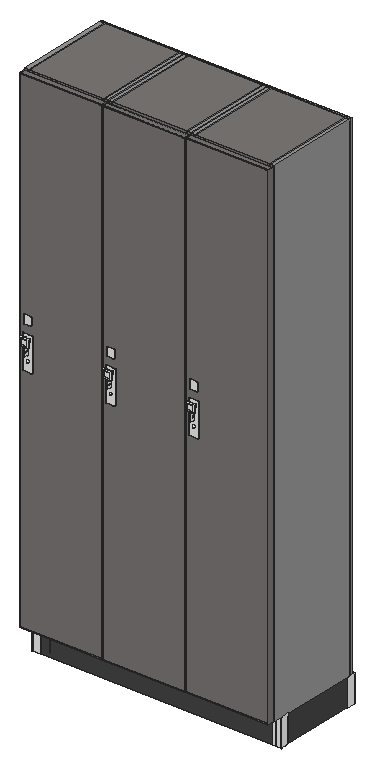
Revit family "Wood_Lockers_Hasps-Salsbury_Industries-41000_Series-3_Wide_Units.rfa", category Specialty Equipment, Revit 2016 (continued)
Definition of nested family "Wood Locker Flat Corner Fillers"
  Forms (in)
    Extrusion 2, solid, material <- "Laminate Surface", visible <- "Visible"
      sketch origin (0, 0, 0.75) x (1, 0, 0) y (0, 1, 0)
        loop
          line (-8.4375, -5.4375) -> (-5.4375, -5.4375) -> (-5.4375, -8.4375) -> (8.4375, -8.4375) -> (8.4375, 8.4375) -> (-8.4375, 8.4375) -> (-8.4375, -5.4375)
      from -0.031 to 0
  Dimensions and locks (in)
    equal spacing: plane 6 "Front Side", plane 1 "Center (Front/Back)", plane 7 "Back Side"
    equal spacing: plane 5 "Left Side", plane 3 "Center (Left/Right)", plane 4 "Right Side"
    "Width": plane 5 "Left Side" to plane 4 "Right Side"
    "Depth": plane 6 "Front Side" to plane 7 "Back Side"
    "Height": plane 9 "Top Side" to plane 8 "Bottom"
    locked: plane 9 "Top Side" to plane 10 "Wood - Laminate Line" at 0.031
    locked: plane 6 "Front Side" to plane 12 at 3
    locked: plane 5 "Left Side" to plane 11 at 3
    plane 12 to plane 7 "Back Side" = 13.875"
    aligned and locked: level to plane 2
  Automatic sketch dimensions
    Extrusion 2 sketch curve to plane 5 "Left Side" = 0.000"
    plane 6 "Front Side" to Extrusion 2 sketch curve = 0.000"
    Extrusion 2 sketch curve to plane 11 = 0.000"
    Extrusion 2 sketch curve to plane 4 "Right Side" = 0.000"
    Extrusion 2 sketch curve to plane 12 = 0.000"
    plane 7 "Back Side" to Extrusion 2 sketch curve = 0.000"
    Extrusion 1 sketch curve to plane 5 "Left Side" = 0.000"
    plane 7 "Back Side" to Extrusion 1 sketch curve = 0.000"
    Extrusion 1 sketch curve to plane 12 = 0.000"
    Extrusion 1 sketch curve to plane 4 "Right Side" = 0.000"
    plane 6 "Front Side" to Extrusion 1 sketch curve = 0.000"
    Extrusion 1 sketch curve to plane 11 = 0.000"
Definition of nested family "Wood Locker Front Fillers"
  Parameters (values of type "33367 - 15" W for 6'H Lockers without Base")
    Width = 15.000"
    Visible Base = no
    Visible = yes
    Version = "1.0 (2/29/16)"
    Type Comments = "Front Vertical Filler for Designer Wood Lockers"
    Model = "33367"
    Manufacturer = "Salsbury Industries"
    Laminate Surface = none
    Height = 72.000"
    Description = "For 6' H Lockers"
    Depth = 0.750"
    Base Height = 0.000"
  Types (18): name | Width | Visible Base | Visible | Version | Type Comments | Model | Manufacturer | Height | Description | Base Height
    (no name) | 15.000" | no | yes | "1.0 (2/29/16)" | "Front Vertical Filler for Designer Wood Lockers" | "33367" | "Salsbury Industries" | 72.000" | "For 6' H Lockers" | 0.000"
    33367 - 15"W for 6' H Lockers with Base | 15.000" | yes | yes | "1.0 (2/29/16)" | "Front Vertical Filler for Designer Wood Lockers" | "33367" | "Salsbury Industries" | 72.000" | "For 6' H Lockers" | 4.000"
    None | 15.000" | no | no | "" | "" | "" | "" | 72.000" | "" | 4.000"
    33369 - 9" W for 6' H Lockers with Base | 9.000" | yes | yes | "1.0 (2/29/16)" | "Front Vertical Filler for Designer Wood Lockers" | "33369" | "Salsbury Industries" | 72.000" | "For 6' H Lockers" | 4.000"
    33367 - 15" W for 5' H Lockers with Base | 15.000" | yes | yes | "1.0 (2/29/16)" | "Front Vertical Filler for Designer Wood Lockers" | "33367" | "Salsbury Industries" | 60.000" | "For 5' H Lockers" | 4.000"
    33369 - 9" W for 5' H Lockers with Base | 9.000" | yes | yes | "1.0 (2/29/16)" | "Front Vertical Filler for Designer Wood Lockers" | "33369" | "Salsbury Industries" | 60.000" | "For 5' H Lockers" | 4.000"
    22265 - 15" W for 6' H Lockers with Base | 15.000" | yes | yes | "1.0 (2/29/16)" | "Front Vertical Filler for Extra Wide Designer Wood Lockers" | "22265" | "Salsbury Industries" | 72.000" | "For 6' H Lockers" | 4.000"
    22265 - 15" W for 5' H Lockers with Base | 15.000" | yes | yes | "1.0 (2/29/16)" | "Front Vertical Filler for Extra Wide Designer Wood Lockers" | "22265" | "Salsbury Industries" | 60.000" | "For 5' H Lockers" | 4.000"
    22269 - 9" W for 6' H Lockers with Base | 9.000" | yes | yes | "1.0 (2/29/16)" | "Front Vertical Filler for Extra Wide Designer Wood Lockers" | "22269" | "Salsbury Industries" | 72.000" | "For 6' H Lockers" | 4.000"
    22269 - 9" W for 5' H Lockers with Base | 9.000" | yes | yes | "1.0 (2/29/16)" | "Front Vertical Filler for Extra Wide Designer Wood Lockers" | "22269" | "Salsbury Industries" | 60.000" | "For 5' H Lockers" | 4.000"
    33367 - 15" W for 6'H Lockers without Base | 15.000" | no | yes | "1.0 (2/29/16)" | "Front Vertical Filler for Designer Wood Lockers" | "33367" | "Salsbury Industries" | 72.000" | "For 6' H Lockers" | 0.000"
    33367 - 15" W for 5' H Lockers without Base | 15.000" | no | yes | "1.0 (2/29/16)" | "Front Vertical Filler for Designer Wood Lockers" | "33367" | "Salsbury Industries" | 60.000" | "For 5' H Lockers" | 0.000"
    33369 - 9" W for 5' H Lockers without Base | 9.000" | no | yes | "1.0 (2/29/16)" | "Front Vertical Filler for Designer Wood Lockers" | "33369" | "Salsbury Industries" | 60.000" | "For 5' H Lockers" | 0.000"
    33369 - 9" W for 6' H Lockers without Base | 9.000" | no | yes | "1.0 (2/29/16)" | "Front Vertical Filler for Designer Wood Lockers" | "33369" | "Salsbury Industries" | 72.000" | "For 6' H Lockers" | 0.000"
    22269 - 9" W for 6' H Lockers without Base | 9.000" | no | yes | "1.0 (2/29/16)" | "Front Vertical Filler for Extra Wide Designer Wood Lockers" | "22269" | "Salsbury Industries" | 72.000" | "For 6' H Lockers" | 0.000"
    22269 - 9" W for 5' H Lockers without Base | 9.000" | no | yes | "1.0 (2/29/16)" | "Front Vertical Filler for Extra Wide Designer Wood Lockers" | "22269" | "Salsbury Industries" | 60.000" | "For 5' H Lockers" | 0.000"
    22265 - 15" W for 6' H Lockers without Base | 15.000" | no | yes | "1.0 (2/29/16)" | "Front Vertical Filler for Extra Wide Designer Wood Lockers" | "22265" | "Salsbury Industries" | 72.000" | "For 6' H Lockers" | 0.000"
    22265 - 15" W for 5' H Lockers without Base | 15.000" | no | yes | "1.0 (2/29/16)" | "Front Vertical Filler for Extra Wide Designer Wood Lockers" | "22265" | "Salsbury Industries" | 60.000" | "For 5' H Lockers" | 0.000"
  Reference planes (in)
    plane 1 "Center (Front/Back)": y = 0
    plane 2: z = 0
    plane 3 "Center (Left/Right)": x = 0
    plane 4 "Back": y = 0.375
    plane 5 "Front": y = -0.375
    plane 6 "Left Side": x = -7.5
    plane 7 "Right Side": x = 7.5
    plane 8 "Bottom": z = 0
    plane 9 "Top": z = 72
    plane 10 "Center Elevation": z = 36
    plane 11 "Wood - Laminate Edge": y = -0.344
    plane 12 "Right Side of Wood": x = 7.375
    plane 13 "Left Side of Wood": x = -7.375
    plane 14 "Top of Wood": z = 71.875
    plane 15 "Bottom of Wood": z = 0.125
    plane 16 "Front of Base Filler": y = 1
  Forms (in)
    Extrusion 1, solid, visible <- "Visible"
      sketch origin (0, 0.375, 0) x (1, 0, 0) y (0, 0, 1)
        loop
          line (7.5, 72) -> (-7.5, 72) -> (-7.5, 0) -> (7.5, 0) -> (7.5, 72)
      from 0 to 0.719
    Extrusion 2, solid, material <- "Laminate Surface", visible <- "Visible"
      sketch origin (0, -0.375, 0) x (1, 0, 0) y (0, 0, 1)
        loop
          line (-7.5, 72) -> (-7.5, 0) -> (7.5, 0) -> (7.5, 72) -> (-7.5, 72)
      from -0.031 to 0
    Extrusion 3, solid, visible <- "Visible Base"
      sketch origin (0, 0, 0) x (1, 0, 0) y (0, 1, 0)
        loop
          line (-7.5, 1.75) -> (-7.5, 0.375) -> (7.5, 0.375) -> (7.5, 1.75) -> (-7.5, 1.75)
      from 0 to 0.75
    Extrusion 4, solid, visible <- "Visible Base"
      sketch origin (0, 0, 0) x (1, 0, 0) y (0, 1, 0)
        loop
          line (-7.5, 1.75) -> (-7.5, 1) -> (7.5, 1) -> (7.5, 1.75) -> (-7.5, 1.75)
      from 0 to -4
  Dimensions and locks (in)
    equal spacing: plane 6 "Left Side", plane 3 "Center (Left/Right)", plane 7 "Right Side"
    plane 5 "Front" to plane 1 "Center (Front/Back)" to plane 4 "Back" = 0.375", 0.375"
    "Width": plane 6 "Left Side" to plane 7 "Right Side"
    "Depth": plane 5 "Front" to plane 4 "Back"
    equal spacing: plane 9 "Top", plane 10 "Center Elevation", plane 8 "Bottom"
    locked: plane 5 "Front" to plane 11 "Wood - Laminate Edge" at 0.031
    locked: plane 15 "Bottom of Wood" to plane 8 "Bottom" at 0.125
    locked: plane 12 "Right Side of Wood" to plane 7 "Right Side" at 0.125
    locked: plane 6 "Left Side" to plane 13 "Left Side of Wood" at 0.125
    locked: plane 9 "Top" to plane 14 "Top of Wood" at 0.125
    locked: plane 5 "Front" to plane 16 "Front of Base Filler" at 1.375
    "Base Height": plane 8 "Bottom" to plane 2
    "Height": plane 9 "Top" to plane 8 "Bottom"
    aligned and locked: level to plane 2
    aligned and locked: plane 8 "Bottom" to Extrusion 1
  Automatic sketch dimensions
    plane 6 "Left Side" to Extrusion 1 sketch curve = 0.000"
    plane 7 "Right Side" to Extrusion 1 sketch curve = 0.000"
    level to Extrusion 1 sketch curve = 0.000"
    Extrusion 1 sketch curve to plane 9 "Top" = 0.000"
    plane 6 "Left Side" to Extrusion 2 sketch curve = 0.000"
    plane 7 "Right Side" to Extrusion 2 sketch curve = 0.000"
    plane 15 "Bottom of Wood" to Extrusion 2 sketch curve = 0.125"
    Extrusion 2 sketch curve to plane 9 "Top" = 0.000"
    plane 4 "Back" to Extrusion 3 sketch curve = 0.000"
    Extrusion 3 sketch curve to plane 6 "Left Side" = 0.000"
    Extrusion 3 sketch curve to plane 7 "Right Side" = 0.000"
    Extrusion 3 sketch curve to plane 16 "Front of Base Filler" = 0.750"
    Extrusion 4 sketch curve to plane 6 "Left Side" = 0.000"
    Extrusion 4 sketch curve to plane 7 "Right Side" = 0.000"
    plane 16 "Front of Base Filler" to Extrusion 4 sketch curve = 0.000"
    Extrusion 4 sketch curve to plane 16 "Front of Base Filler" = 0.750"
Definition of nested family "Wood Locker Front Corner Filler"
  Parameters (values of type "44464 - for 6' H Lockers with Base")
    Width = 2.250"
    Visible Base = yes
    Visible = yes
    Version = "1.0 (12/15/23)"
    Type Comments = "Front Vertical Corner Filler for Designer Wood Lockers"
    Primary Structure Materials = none
    Model = "44464"
    Manufacturer = "Salsbury Industries"
    Laminate Surface = none
    Height = 72.000"
    Description = "For 6' H Lockers"
    Depth = 0.750"
    Base Primary Materials = none
    Base Height = 4.000"
  Types (3): name | Visible Base | Visible | Version | Type Comments | Model | Manufacturer | Description | Base Height
    None | no | no | "" | "" | "" | "" | "" | 4.000"
    44464 - for 6'H Lockers without Base | no | yes | "1.0 (12/15/23)" | "Front Vertical Corner Filler for Designer Wood Lockers" | "44464" | "Salsbury Industries" | "For 6' H Lockers" | 0.000"
    44464 - for 6' H Lockers with Base | yes | yes | "1.0 (12/15/23)" | "Front Vertical Corner Filler for Designer Wood Lockers" | "44464" | "Salsbury Industries" | "For 6' H Lockers" | 4.000"
  Reference planes (in)
    plane 1 "Center (Front/Back)": y = 0
    plane 2 "Bottom of Base": z = 0
    plane 3 "Center (Left/Right)": x = 0
    plane 4 "Back": y = 0.375
    plane 5 "Front": y = -0.375
    plane 6 "Left Side": x = -1.125
    plane 7 "Right Side": x = 1.125
    plane 8 "Bottom": z = 4
    plane 9 "Top": z = 76
    plane 10 "Center Elevation": z = 40
    plane 11 "Wood - Laminate Edge": y = -0.344
    plane 12 "Right Side of Wood": x = 1
    plane 13 "Left Side of Wood": x = -1
    plane 14 "Top of Wood": z = 75.875
    plane 15 "Bottom of Wood": z = 4.125
    plane 16 "Front of Base Filler": y = 1
  Forms (in)
    Extrusion 1, solid, material <- "Primary Structure Materials", visible <- "Visible"
      sketch origin (0, 0.375, 0) x (1, 0, 0) y (0, 0, 1)
        loop
          line (1.125, 76) -> (-1.156, 76) -> (-1.156, 4) -> (1.125, 4) -> (1.125, 76)
      from 0 to 0.719
    Extrusion 2, solid, material <- "Laminate Surface", visible <- "Visible"
      sketch origin (0, -0.375, 0) x (1, 0, 0) y (0, 0, 1)
        loop
          line (-1.125, 76) -> (-1.125, 4) -> (1.125, 4) -> (1.125, 76) -> (-1.125, 76)
      from -0.031 to 0
    Extrusion 3, solid, material <- "Primary Structure Materials", visible <- "Visible"
      sketch origin (-1.875, -1.5, 0) x (0, 1, 0) y (0, 0, 1)
        loop
          line (1.875, 76) -> (-1.125, 76) -> (-1.125, 4) -> (1.875, 4) -> (1.875, 76)
      from 0 to 0.719
    Extrusion 4, solid, material <- "Laminate Surface", visible <- "Visible"
      sketch origin (-1.125, -1.5, 0) x (0, 1, 0) y (0, 0, 1)
        loop
          line (-1.125, 76) -> (-1.125, 4) -> (1.156, 4) -> (1.156, 76) -> (-1.125, 76)
      from -0.031 to 0
    Extrusion 5, solid, material <- "Base Primary Materials", visible <- "Visible Base"
      sketch origin (0, 0, 0) x (1, 0, 0) y (0, 1, 0)
        loop
          line (-3.25, 1.75) -> (-3.25, -2.625) -> (-1.875, -2.625) -> (-1.875, 1.75) -> (-3.25, 1.75)
      from 4 to 4.75
    Extrusion 6, solid, material <- "Base Primary Materials", visible <- "Visible Base"
      sketch origin (0, 0, 0) x (1, 0, 0) y (0, 1, 0)
        loop
          line (-1.875, 1.75) -> (-1.875, 0.375) -> (1.125, 0.375) -> (1.125, 1.75) -> (-1.875, 1.75)
      from 4 to 4.75
    Extrusion 7, solid, material <- "Base Primary Materials", visible <- "Visible Base"
      sketch origin (0, 0, 0) x (1, 0, 0) y (0, 1, 0)
        loop
          line (1.125, 1.75) -> (-2.43407, 1.75) -> (-2.43407, 1) -> (1.125, 1) -> (1.125, 1.75)
      from 0 to 4
    Extrusion 8, solid, material <- "Base Primary Materials", visible <- "Visible Base"
      sketch origin (0, 0, 0) x (1, 0, 0) y (0, 1, 0)
        loop
          line (-3.25, 1.75) -> (-3.25, -2.625) -> (-2.43407, -2.625) -> (-2.43407, 1.75) -> (-3.25, 1.75)
      from 0 to 4
  Dimensions and locks (in)
    equal spacing: plane 6 "Left Side", plane 3 "Center (Left/Right)", plane 7 "Right Side"
    plane 5 "Front" to plane 1 "Center (Front/Back)" to plane 4 "Back" = 0.375", 0.375"
    "Width": plane 6 "Left Side" to plane 7 "Right Side"
    "Depth": plane 5 "Front" to plane 4 "Back"
    equal spacing: plane 9 "Top", plane 10 "Center Elevation", plane 8 "Bottom"
    "Height": plane 9 "Top" to plane 8 "Bottom"
    locked: plane 5 "Front" to plane 11 "Wood - Laminate Edge" at 0.031
    locked: plane 15 "Bottom of Wood" to plane 8 "Bottom" at 0.125
    locked: plane 12 "Right Side of Wood" to plane 7 "Right Side" at 0.125
    locked: plane 6 "Left Side" to plane 13 "Left Side of Wood" at 0.125
    locked: plane 9 "Top" to plane 14 "Top of Wood" at 0.125
    locked: plane 5 "Front" to plane 16 "Front of Base Filler" at 1.375
    "Base Height": plane 8 "Bottom" to plane 2 "Bottom of Base"
    aligned and locked: level to plane 2 "Bottom of Base"
    aligned and locked: plane 8 "Bottom" to Extrusion 1
    aligned and locked: Extrusion 7 to Extrusion 5
    aligned and locked: Extrusion 8 to Extrusion 5
    aligned and locked: Extrusion 7 to Extrusion 8
  Automatic sketch dimensions
    Extrusion 1 sketch curve to plane 9 "Top" = 0.000"
    Extrusion 1 sketch curve to plane 8 "Bottom" = 0.000"
    plane 7 "Right Side" to Extrusion 1 sketch curve = 0.000"
    plane 6 "Left Side" to Extrusion 1 sketch curve = 0.031"
    plane 6 "Left Side" to Extrusion 2 sketch curve = 0.000"
    plane 7 "Right Side" to Extrusion 2 sketch curve = 0.000"
    Extrusion 2 sketch curve to plane 8 "Bottom" = 0.000"
    Extrusion 2 sketch curve to plane 9 "Top" = 0.000"
    plane 9 "Top" to Extrusion 3 sketch curve = 0.000"
    plane 8 "Bottom" to Extrusion 3 sketch curve = 0.000"
    Extrusion 3 sketch curve to plane 4 "Back" = 0.000"
    plane 5 "Front" to Extrusion 3 sketch curve = 2.250"
    plane 8 "Bottom" to Extrusion 4 sketch curve = 0.000"
    plane 9 "Top" to Extrusion 4 sketch curve = 0.000"
    Extrusion 4 sketch curve to plane 11 "Wood - Laminate Edge" = 0.000"
    plane 5 "Front" to Extrusion 4 sketch curve = 2.250"
    plane 6 "Left Side" to Extrusion 5 sketch curve = 2.125"
    plane 6 "Left Side" to Extrusion 5 sketch curve = 0.750"
    plane 5 "Front" to Extrusion 5 sketch curve = 2.250"
    Extrusion 5 sketch curve to plane 16 "Front of Base Filler" = 0.750"
    plane 16 "Front of Base Filler" to Extrusion 7 sketch curve = 0.000"
    Extrusion 7 sketch curve to plane 7 "Right Side" = 0.000"
    plane 6 "Left Side" to Extrusion 7 sketch curve = 1.30907"
    Extrusion 7 sketch curve to plane 16 "Front of Base Filler" = 0.750"
    plane 6 "Left Side" to Extrusion 8 sketch curve = 2.125"
    Extrusion 8 sketch curve to Extrusion 8 sketch curve = 0.81593"
    plane 5 "Front" to Extrusion 8 sketch curve = 2.250"
    Extrusion 8 sketch curve to plane 16 "Front of Base Filler" = 0.750"
    plane 4 "Back" to Extrusion 6 sketch curve = 0.000"
    Extrusion 6 sketch curve to plane 7 "Right Side" = 0.000"
    plane 6 "Left Side" to Extrusion 6 sketch curve = 0.750"
    Extrusion 6 sketch curve to plane 16 "Front of Base Filler" = 0.750"
Definition of nested family "Wood Locker Flat In-Line Fillers"
  Parameters (values of type "22241 - 9" W for 21" D Lockers")
    Width = 9.000"
    Visible = yes
    Version = "1.0 (2/29/16)"
    Type Comments = "Flat Top In-Line Filler for Extra Wide Designer Wood Lockers"
    Model = "22241"
    Manufacturer = "Salsbury Industries"
    Laminate Surface = none
    Height = 0.750"
    Description = "For 21\" D Lockers"
    Depth = 19.250"
  Types (14): name | Width | Visible | Version | Type Comments | Model | Manufacturer | Description | Depth
    (no name) | 9.000" | yes | "1.0 (2/29/16)" | "Flat Top In-Line Filler for Extra Wide Designer Wood Lockers" | "22241" | "Salsbury Industries" | "For 21\" D Lockers" | 19.250"
    33347 - 15" W for 15" D Lockers | 15.000" | yes | "1.0 (2/29/16)" | "Flat Top In-Line Filler for Designer Wood Lockers" | "33347" | "Salsbury Industries" | "For 15\" D Lockers" | 13.250"
    33348 - 15" W for 18" D Lockers | 15.000" | yes | "1.0 (2/29/16)" | "Flat Top In-Line Filler for Designer Wood Lockers" | "33348" | "Salsbury Industries" | "For 18\" D Lockers" | 16.250"
    33341 - 15" W for 21" D Lockers | 15.000" | yes | "1.0 (2/29/16)" | "Flat Top In-Line Filler for Designer Wood Lockers" | "33341" | "Salsbury Industries" | "For 21\" D Lockers" | 19.250"
    22249 - 15" W for 24" D Lockers | 15.000" | yes | "1.0 (2/29/16)" | "Flat Top In-Line Filler for Extra Wide Designer Wood Lockers" | "22249" | "Salsbury Industries" | "For 24\" D Lockers" | 22.250"
    None | 15.000" | no | "" | "" | "" | "" | "" | 13.250"
    22248 -  15" W for 18" D Lockers | 15.000" | yes | "1.0 (2/29/16)" | "Flat Top In-Line Filler for Extra Wide Designer Wood Lockers" | "22248" | "Salsbury Industries" | "For 18\" D Lockers" | 16.250"
    22241 - 15" W for 21" D Lockers | 15.000" | yes | "1.0 (2/29/16)" | "Flat Top In-Line Filler for Extra Wide Designer Wood Lockers" | "22241" | "Salsbury Industries" | "For 21\" D Lockers" | 19.250"
    33348 - 9" W for 18" D Lockers | 9.000" | yes | "1.0 (2/29/16)" | "Flat Top In-Line Filler for Designer Wood Lockers" | "33348" | "Salsbury Industries" | "For 18\" D Lockers" | 16.250"
    33347 - 9" W for 15" D Lockers | 9.000" | yes | "1.0 (2/29/16)" | "Flat Top In-Line Filler for Designer Wood Lockers" | "33347" | "Salsbury Industries" | "For 15\" D Lockers" | 13.250"
    33341 - 9" W for 21" D Lockers | 9.000" | yes | "1.0 (2/29/16)" | "Flat Top In-Line Filler for Designer Wood Lockers" | "33341" | "Salsbury Industries" | "For 21\" D Lockers" | 19.250"
    22249 - 9" W for 24" D Lockers | 9.000" | yes | "1.0 (2/29/16)" | "Flat Top In-Line Filler for Extra Wide Designer Wood Lockers" | "22249" | "Salsbury Industries" | "For 24\" D Lockers" | 22.250"
    22248 - 9" W for 18" D Lockers | 9.000" | yes | "1.0 (2/29/16)" | "Flat Top In-Line Filler for Extra Wide Designer Wood Lockers" | "22248" | "Salsbury Industries" | "For 18\" D Lockers" | 16.250"
    22241 - 9" W for 21" D Lockers | 9.000" | yes | "1.0 (2/29/16)" | "Flat Top In-Line Filler for Extra Wide Designer Wood Lockers" | "22241" | "Salsbury Industries" | "For 21\" D Lockers" | 19.250"
  Reference planes (in)
    plane 1 "Center (Front/Back)": y = 0
    plane 2: z = 0
    plane 3 "Center (Left/Right)": x = 0
    plane 4 "Right Side": x = 4.5
    plane 5 "Left Side": x = -4.5
    plane 6 "Front Side": y = -9.625
    plane 7 "Back Side": y = 9.625
    plane 8 "Bottom": z = 0
    plane 9 "Top Side": z = 0.75
    plane 10 "Wood - Laminate Line": z = 0.719
  Forms (in)
    Extrusion 1, solid, visible <- "Visible"
      sketch origin (0, 0, 0) x (0, -1, 0) y (1, 0, 0)
        loop
          line (-9.625, -4.5) -> (9.625, -4.5) -> (9.625, 4.5) -> (-9.625, 4.5) -> (-9.625, -4.5)
      from 0 to 0.719
    Extrusion 2, solid, material <- "Laminate Surface", visible <- "Visible"
      sketch origin (0, 0, 0.75) x (1, 0, 0) y (0, 1, 0)
        loop
          line (-4.5, -9.625) -> (4.5, -9.625) -> (4.5, 9.625) -> (-4.5, 9.625) -> (-4.5, -9.625)
      from -0.031 to 0
  Dimensions and locks (in)
    equal spacing: plane 6 "Front Side", plane 1 "Center (Front/Back)", plane 7 "Back Side"
    equal spacing: plane 5 "Left Side", plane 3 "Center (Left/Right)", plane 4 "Right Side"
    "Width": plane 5 "Left Side" to plane 4 "Right Side"
    "Depth": plane 6 "Front Side" to plane 7 "Back Side"
    "Height": plane 9 "Top Side" to plane 8 "Bottom"
    locked: plane 9 "Top Side" to plane 10 "Wood - Laminate Line" at 0.031
    aligned and locked: level to plane 2
  Automatic sketch dimensions
    Extrusion 1 sketch curve to plane 4 "Right Side" = 0.000"
    plane 7 "Back Side" to Extrusion 1 sketch curve = 0.000"
    Extrusion 1 sketch curve to plane 5 "Left Side" = 0.000"
    plane 6 "Front Side" to Extrusion 1 sketch curve = 0.000"
    Extrusion 2 sketch curve to plane 5 "Left Side" = 0.000"
    plane 4 "Right Side" to Extrusion 2 sketch curve = 0.000"
    plane 6 "Front Side" to Extrusion 2 sketch curve = 0.000"
    Extrusion 2 sketch curve to plane 7 "Back Side" = 0.000"
Definition of nested family "Wood Locker Fascia Fillers"
  Parameters (values of type "44462 - for 3-Wide Units")
    Width = 36.000"
    Visible = yes
    Type Comments = "Front Fascia Filler for Premier Wood Lockers"
    Model = "44462"
    Manufacturer = "Salsbury Industries"
    Laminate Surface = none
    Height = 4.000"
    Description = "4' W for Standard Designer Lockers"
    Depth = 0.750"
  Types (4): name | Width | Visible | Type Comments | Model | Manufacturer | Description
    (no name) | 36.000" | yes | "Front Fascia Filler for Premier Wood Lockers" | "44462" | "Salsbury Industries" | "4' W for Standard Designer Lockers"
    44462 - for 1-Wide Units | 12.000" | yes | "Front Fascia Filler for Premier Wood Lockers" | "44462" | "Salsbury Industries" | "4' W for Standard Designer Lockers"
    None | 12.000" | no | "" | "" | "" | ""
    44462 - for 3-Wide Units | 36.000" | yes | "Front Fascia Filler for Premier Wood Lockers" | "44462" | "Salsbury Industries" | "4' W for Standard Designer Lockers"
  Reference planes (in)
    plane 1 "Center (Front/Back)": y = 0
    plane 2: z = 0
    plane 3 "Center (Left/Right)": x = 0
    plane 4 "Back": y = 0.375
    plane 5 "Front": y = -0.375
    plane 6 "Left Side": x = -18
    plane 7 "Right Side": x = 18
    plane 8 "Bottom": z = 0
    plane 9 "Top": z = 4
    plane 10 "Center Elevation": z = 2
    plane 11 "Wood - Laminate Edge": y = -0.344
    plane 12 "Right Side of Wood": x = 17.875
    plane 13 "Left Side of Wood": x = -17.875
    plane 14 "Top of Wood": z = 3.875
    plane 15 "Bottom of Wood": z = 0.125
    plane 16 "Base Bottom": z = 0
    plane 17 "Front of Base Filler": y = 1
  Forms (in)
    Extrusion 1, solid, visible <- "Visible"
      sketch origin (0, 0.375, 0) x (1, 0, 0) y (0, 0, 1)
        loop
          line (18, 4) -> (-18, 4) -> (-18, 0) -> (18, 0) -> (18, 4)
      from 0 to 0.719
    Extrusion 2, solid, material <- "Laminate Surface", visible <- "Visible"
      sketch origin (0, -0.375, 0) x (1, 0, 0) y (0, 0, 1)
        loop
          line (-18, 4) -> (-18, 0) -> (18, 0) -> (18, 4) -> (-18, 4)
      from -0.031 to 0
  Dimensions and locks (in)
    equal spacing: plane 6 "Left Side", plane 3 "Center (Left/Right)", plane 7 "Right Side"
    plane 5 "Front" to plane 1 "Center (Front/Back)" to plane 4 "Back" = 0.375", 0.375"
    "Width": plane 6 "Left Side" to plane 7 "Right Side"
    "Depth": plane 5 "Front" to plane 4 "Back"
    equal spacing: plane 9 "Top", plane 10 "Center Elevation", plane 8 "Bottom"
    "Height": plane 9 "Top" to plane 8 "Bottom"
    locked: plane 5 "Front" to plane 11 "Wood - Laminate Edge" at 0.031
    locked: plane 15 "Bottom of Wood" to plane 8 "Bottom" at 0.125
    locked: plane 12 "Right Side of Wood" to plane 7 "Right Side" at 0.125
    locked: plane 6 "Left Side" to plane 13 "Left Side of Wood" at 0.125
    locked: plane 9 "Top" to plane 14 "Top of Wood" at 0.125
    locked: plane 5 "Front" to plane 17 "Front of Base Filler" at 1.375
    aligned and locked: level to plane 2
    aligned and locked: Extrusion 1 to plane 8 "Bottom"
  Automatic sketch dimensions
    plane 6 "Left Side" to Extrusion 1 sketch curve = 0.000"
    plane 7 "Right Side" to Extrusion 1 sketch curve = 0.000"
    level to Extrusion 1 sketch curve = 0.000"
    Extrusion 1 sketch curve to plane 9 "Top" = 0.000"
    plane 6 "Left Side" to Extrusion 2 sketch curve = 0.000"
    plane 7 "Right Side" to Extrusion 2 sketch curve = 0.000"
    plane 15 "Bottom of Wood" to Extrusion 2 sketch curve = 0.125"
    Extrusion 2 sketch curve to plane 9 "Top" = 0.000"
Definition of nested family "Wood Locker Sloping Hoods"
  Parameters (values of type "44834- for 24" Deep Lockers (3 Wide)")
    Width = 54.000"
    Visible = yes
    Version = "1.0 (12/15/23)"
    Type Comments = "Sloping Hood for Premier Wood Lockers"
    Model = "834"
    Manufacturer = "Salsbury Industries"
    Laminate Surface = none
    Height = 9.118"
    Description = "For 24\" D - 3 Wide Lockers"
    Depth = 23.625"
  Types (20): name | Width | Visible | Version | Type Comments | Model | Manufacturer | Height | Description | Depth
    (no name) | 54.000" | yes | "1.0 (12/15/23)" | "Sloping Hood for Premier Wood Lockers" | "834" | "Salsbury Industries" | 9.118" | "For 24\" D - 3 Wide Lockers" | 23.625"
    44357 - for 15" Deep Lockers (1 Wide) | 12.000" | yes | "1.0 (12/15/23)" | "Sloping Hood for Premier Wood Lockers" | "44357" | "Salsbury Industries" | 5.743" | "For 15\" D - 1 Wide Lockers" | 14.625"
    44353 - for 18" Deep Lockers (1 Wide) | 12.000" | yes | "1.0 (12/15/23)" | "Sloping Hood for Premier Wood Lockers" | "44353" | "Salsbury Industries" | 6.868" | "For 18\" D - 1 Wide Lockers" | 17.625"
    44352 - for 21" Deep Lockers (1 Wide) | 12.000" | yes | "1.0 (12/15/23)" | "Sloping Hood for Premier Wood Lockers" | "44352" | "Salsbury Industries" | 7.993" | "For 21\" D - 1 Wide Lockers" | 20.625"
    44359 - for 15" Deep Lockers (3 Wide) | 36.000" | yes | "1.0 (12/15/23)" | "Sloping Hood for Premier Wood Lockers" | "44359" | "Salsbury Industries" | 5.743" | "For 15\" D - 3 Wide Lockers" | 14.625"
    44356 - for 18" Deep Lockers (3 Wide) | 36.000" | yes | "1.0 (12/15/23)" | "Sloping Hood for Premier Wood Lockers" | "44356" | "Salsbury Industries" | 6.868" | "For 18\" D - 3 Wide Lockers" | 17.625"
    44354 - for 21" Deep Lockers (3 Wide) | 36.000" | yes | "1.0 (12/15/23)" | "Sloping Hood for Premier Wood Lockers" | "44354" | "Salsbury Industries" | 7.993" | "For 21\" D - 3 Wide Lockers" | 20.625"
    44255 - for 24" Deep Lockers (1 Wide) | 15.000" | yes | "1.0 (12/15/23)" | "Sloping Hood for Premier Wood Lockers" | "44255" | "Salsbury Industries" | 9.118" | "For 24\" D - 1 Wood Lockers" | 23.625"
    442257 - for 24" Deep Lockers (3 Wide) | 45.000" | yes | "1.0 (12/15/23)" | "Sloping Hood for Premier Wod Lockers" | "44257" | "Salsbury Industries" | 9.118" | "For 24\" D - 3 Wide Lockers" | 23.625"
    44252 - for 21" Deep Lockers (1 Wide) | 15.000" | yes | "1.0 (12/15/23)" | "Sloping Hood for 15\" Wide Premier Wood Lockers" | "44252" | "Salsbury Industries" | 7.993" | "For 21\" D - 1 Wide Lockers" | 20.625"
    44254 - for 21" Deep Lockers (3 Wide) | 45.000" | yes | "1.0 (12/15/23)" | "Sloping Hood for 15\" Wide Premier Wood Lockers" | "44254" | "Salsbury Industries" | 7.993" | "For 21\" D - 3 Wide Lockers" | 20.625"
    44251 - for 18" Deep Lockers (1 Wide) | 15.000" | yes | "1.0 (12/15/23)" | "Sloping Hood for 15\"Wide Premier Wood Lockers" | "44251" | "Salsbury Industries" | 6.868" | "For 18\" D - 1 Wide Lockers" | 17.625"
    44253 - for 18" Deep Lockers (3 Wide) | 45.000" | yes | "1.0 (12/15/23)" | "Sloping Hood for 15\" Wide Premier Wood Lockers" | "44253" | "Salsbury Industries" | 6.868" | "For 18\" D - 3 Wide Lockers" | 17.625"
    None | 12.000" | no | "" | "" | "" | "" | 5.743" | "" | 14.625"
    44818 - for 18" Deep Lockers (1 Wide) | 18.000" | yes | "1.0 (12/15/23)" | "Sloping Hood for Premier Wood Lockers" | "44818" | "Salsbury Industries" | 6.868" | "For 18\" D - 1 Wide Lockers" | 17.625"
    44811- for 21" Deep Lockers (1 Wide) | 18.000" | yes | "1.0 (12/15/23)" | "Sloping Hood for Premier Wood Lockers" | "44811" | "Salsbury Industries" | 7.993" | "For 21\" D - 1 Wide Lockers" | 20.625"
    44814- for 24" Deep Lockers (1 Wide) | 18.000" | yes | "1.0 (12/15/23)" | "Sloping Hood for Premier Wood Lockers" | "44814" | "Salsbury Industries" | 9.118" | "For 24\" D - 1 Wide Lockers" | 23.625"
    44838- for 18" Deep Lockers (3 Wide) | 54.000" | yes | "1.0 (12/15/23)" | "Sloping Hood for Premier Wood Lockers" | "44838" | "Salsbury Industries" | 6.868" | "For 18\" D - 3 Wide Lockers" | 17.625"
    44831- for 21" Deep Lockers (3 Wide) | 54.000" | yes | "1.0 (12/15/23)" | "Sloping Hood for Premier Wood Lockers" | "44831" | "Salsbury Industries" | 7.993" | "For 21\" D - 3 Wide Lockers" | 20.625"
    44834- for 24" Deep Lockers (3 Wide) | 54.000" | yes | "1.0 (12/15/23)" | "Sloping Hood for Premier Wood Lockers" | "834" | "Salsbury Industries" | 9.118" | "For 24\" D - 3 Wide Lockers" | 23.625"
  Reference planes (in)
    plane 1 "Center (Front/Back)": y = 0
    plane 2: z = 0
    plane 3 "Center (Left/Right)": x = 0
    plane 4 "Front of Hood": y = -11.8125
    plane 5 "Back of Hood": y = 11.8125
    plane 6 "Right Side of Hood": x = 27
    plane 7 "Left Side of Hood": x = -27
    plane 8 "Bottom of Hood": z = 0
    plane 9 "Top of Hood": z = 9.118
    plane 10: x = 26.25
    plane 11: x = -26.25
    plane 12: y = -11.7815
    plane 13: y = -11.0625
    plane 14: z = 9.087
    plane 15: z = 8.368
    plane 16: z = 0.062
    plane 17: z = 0.75
  Forms (in)
    Extrusion 1, solid, visible <- "Visible"
      sketch origin (27, 0.37227, 0) x (0, -1, 0) y (0, 0, 1)
        loop
          line (-0.26039, 4.07368) -> (-0.26039, 0) -> (0.37227, 0) -> (0.37227, 3.83066) -> (-0.26039, 4.07368)
      from 0 to 54
    Extrusion 2, solid, visible <- "Visible"
      sketch origin (0, 0, 0) x (0, 1, 0) y (0, 0, 1)
        loop
          line (-9.97273, 0) -> (11.8125, 8.368) -> (11.8125, 9.087) -> (-11.73269, 0.062) -> (-11.7815, 0.062) -> (-11.7815, 0) -> (-9.97273, 0)
      from -27 to 27
    Extrusion 3, solid, material <- "Laminate Surface", visible <- "Visible"
      sketch origin (0, 0, 0) x (0, 1, 0) y (0, 0, 1)
        loop
          line (-11.8125, 0.062) -> (-11.8125, 0) -> (-11.7815, 0) -> (-11.7815, 0.062) -> (-11.8125, 0.062)
      from -27 to 27
    Extrusion 4, solid, material <- "Laminate Surface", visible <- "Visible"
      sketch origin (0, 0, 0) x (0, 1, 0) y (0, 0, 1)
        loop
          line (11.8125, 9.118) -> (-11.8125, 0.062) -> (-11.73269, 0.062) -> (11.8125, 9.087) -> (11.8125, 9.118)
      from -27 to 27
  Dimensions and locks (in)
    equal spacing: plane 7 "Left Side of Hood", plane 3 "Center (Left/Right)", plane 6 "Right Side of Hood"
    "Width": plane 7 "Left Side of Hood" to plane 6 "Right Side of Hood"
    equal spacing: plane 4 "Front of Hood", plane 1 "Center (Front/Back)", plane 5 "Back of Hood"
    "Depth": plane 4 "Front of Hood" to plane 5 "Back of Hood"
    "Height": plane 9 "Top of Hood" to plane 8 "Bottom of Hood"
    plane 7 "Left Side of Hood" to plane 11 = 0.750"
    plane 10 to plane 6 "Right Side of Hood" = 0.750"
    plane 4 "Front of Hood" to plane 12 to plane 13 = 0.031" locked, 0.719" locked
    plane 15 to plane 14 to plane 9 "Top of Hood" = 0.719" locked, 0.031" locked
    locked: plane 16 to plane 8 "Bottom of Hood" at 0.062
    locked: plane 17 to plane 8 "Bottom of Hood" at 0.75
    aligned and locked: level to plane 2
    aligned and locked: Extrusion 2 to plane 6 "Right Side of Hood"
    aligned and locked: plane 7 "Left Side of Hood" to Extrusion 2
    aligned and locked: plane 7 "Left Side of Hood" to Extrusion 4
    aligned and locked: Extrusion 4 to plane 6 "Right Side of Hood"
    aligned and locked: Extrusion 3 to plane 6 "Right Side of Hood"
    aligned and locked: plane 7 "Left Side of Hood" to Extrusion 3
    aligned and locked: Extrusion 2 to Extrusion 1 sketch curve
    aligned and locked: plane 7 "Left Side of Hood" to Extrusion 1
    aligned and locked: Extrusion 1 to plane 6 "Right Side of Hood"
  Automatic sketch dimensions
    Extrusion 3 sketch curve to level = 0.000"
    Extrusion 3 sketch curve to plane 4 "Front of Hood" = 0.000"
    Extrusion 3 sketch curve to plane 12 = 0.000"
    plane 16 to Extrusion 3 sketch curve = 0.000"
    Extrusion 4 sketch curve to plane 4 "Front of Hood" = 0.000"
    plane 16 to Extrusion 4 sketch curve = 0.000"
    Extrusion 4 sketch curve to plane 5 "Back of Hood" = 0.000"
    plane 14 to Extrusion 4 sketch curve = 0.000"
    plane 9 "Top of Hood" to Extrusion 4 sketch curve = 0.000"
    Extrusion 4 sketch curve to plane 12 = 0.04881"
    Extrusion 2 sketch curve to level = 0.000"
    Extrusion 2 sketch curve to plane 12 = 0.000"
    plane 16 to Extrusion 2 sketch curve = 0.000"
    Extrusion 2 sketch curve to plane 5 "Back of Hood" = 0.000"
    plane 15 to Extrusion 2 sketch curve = 0.000"
    plane 14 to Extrusion 2 sketch curve = 0.000"
    Extrusion 2 sketch curve to plane 13 = 1.08977"
    Extrusion 2 sketch curve to plane 12 = 0.04881"
    Extrusion 1 sketch curve to level = 0.000"
    Extrusion 1 sketch curve to plane 1 "Center (Front/Back)" = 0.000"
    Extrusion 1 sketch curve to Extrusion 1 sketch curve = 0.24302"
Definition of nested family "Wood Locker Side Panels-With Slope"
  Parameters (values of type "44334 - 6' H  for 18" D Lockers")
    Width = 17.625"
    Visible = yes
    Version = "1.0 (12/15/23)"
    Type Comments = "Side Panel for Premier Wood Lockers with Sloping Hood"
    Slope Height = 6.806"
    Model = "44334"
    Manufacturer = "Salsbury Industries"
    Laminate Surface = none
    Height = 72.062"
    Door Trim = none
    Description = "6' H for 18\" D Lockers"
    Depth = 0.750"
  Types (6): name | Width | Visible | Version | Type Comments | Slope Height | Model | Manufacturer | Height | Description
    (no name) | 17.625" | yes | "1.0 (12/15/23)" | "Side Panel for Premier Wood Lockers with Sloping Hood" | 6.806" | "44334" | "Salsbury Industries" | 72.062" | "6' H for 18\" D Lockers"
    44334 - 6' H  for 18" D Lockers | 17.625" | yes | "1.0 (12/15/23)" | "Side Panel for Premier Wood Lockers with Sloping Hood" | 6.806" | "44334" | "Salsbury Industries" | 72.062" | "6' H for 18\" D Lockers"
    44336 - 6' H for 21" D Lockers | 20.625" | yes | "1.0 (12/15/23)" | "Side Panel for Premier Wood Lockers with Sloping Hood" | 7.931" | "44336" | "Salsbury Industries" | 72.062" | "6' H for 21\" D Lockers"
    None | 14.625" | no | "" | "" | 5.681" | "" | "" | 72.062" | ""
    44339 - 6' H for 15" D Lockers | 14.625" | yes | "1.0 (12/15/23)" | "Side Panel for Premier Wood Lockers with Sloping Hood" | 5.681" | "44339" | "Salsbury Industries" | 72.062" | "6' H for 15\" D Lockers"
    44238- 6' H for 24" D Lockers | 23.625" | yes | "1.0 (12/15/23)" | "Side Panel for Premier Wood Lockers with Sloping Hood" | 8.608" | "44238" | "Salsbury Industries" | 72.153" | "6' H for 24\" D Lockers"
  Reference planes (in)
    plane 1 "Center (Front/Back)": y = 0
    plane 2: z = 0
    plane 3 "Center (Left/Right)": x = 0
    plane 4 "Back": y = 0.375
    plane 5 "Front": y = -0.375
    plane 6 "Left Side": x = -8.8125
    plane 7 "Right Side": x = 8.8125
    plane 8 "Bottom": z = 0
    plane 9 "Top": z = 72.062
    plane 10 "Center Elevation": z = 36.031
    plane 11 "Wood - Laminate Edge": y = -0.344
    plane 12 "Right Side of Wood": x = 8.7815
    plane 13 "Left Side of Wood": x = -8.7815
    plane 14 "Top of Wood": z = 71.937
    plane 15 "Bottom of Wood": z = 0.031
    plane 16: z = 78.868
    plane 17: z = 78.743
  Forms (in)
    Extrusion 1, solid, visible <- "Visible"
      sketch origin (0, 0.375, 0) x (1, 0, 0) y (0, 0, 1)
        loop
          line (-8.8125, 78.837) -> (-8.8125, 0) -> (8.7815, 0) -> (8.7815, 72.04287) -> (-8.8125, 78.837)
      from 0 to 0.719
    Extrusion 2, solid, material <- "Laminate Surface", visible <- "Visible"
      sketch origin (0, -0.375, 0) x (1, 0, 0) y (0, 0, 1)
        loop
          line (-8.8125, 0) -> (8.8125, 0) -> (8.8125, 72.062) -> (-8.8125, 78.868) -> (-8.8125, 0)
      from -0.031 to 0
    Extrusion 3, solid, material <- "Laminate Surface", visible <- "Visible"
      sketch origin (0, -0.375, 0) x (1, 0, 0) y (0, 0, 1)
        loop
          line (8.8125, 0) -> (8.8125, 72.062) -> (-8.8125, 78.868) -> (-8.8125, 78.837) -> (8.7815, 72.04287) -> (8.7815, 0) -> (8.8125, 0)
      from -0.031 to -0.75
  Dimensions and locks (in)
    equal spacing: plane 6 "Left Side", plane 3 "Center (Left/Right)", plane 7 "Right Side"
    plane 5 "Front" to plane 1 "Center (Front/Back)" to plane 4 "Back" = 0.375", 0.375"
    "Width": plane 6 "Left Side" to plane 7 "Right Side"
    "Depth": plane 5 "Front" to plane 4 "Back"
    equal spacing: plane 9 "Top", plane 10 "Center Elevation", plane 8 "Bottom"
    "Height": plane 9 "Top" to plane 8 "Bottom"
    locked: plane 5 "Front" to plane 11 "Wood - Laminate Edge" at 0.031
    locked: plane 15 "Bottom of Wood" to plane 8 "Bottom" at 0.031
    locked: plane 12 "Right Side of Wood" to plane 7 "Right Side" at 0.031
    locked: plane 6 "Left Side" to plane 13 "Left Side of Wood" at 0.031
    locked: plane 9 "Top" to plane 14 "Top of Wood" at 0.125
    "Slope Height": plane 16 to plane 9 "Top"
    locked: plane 16 to plane 17 at 0.125
    aligned and locked: level to plane 2
    aligned and locked: Extrusion 3 to plane 4 "Back"
    aligned and locked: plane 11 "Wood - Laminate Edge" to Extrusion 3
  Automatic sketch dimensions
    plane 6 "Left Side" to Extrusion 2 sketch curve = 0.000"
    plane 7 "Right Side" to Extrusion 2 sketch curve = 0.000"
    Extrusion 2 sketch curve to level = 0.000"
    Extrusion 2 sketch curve to plane 9 "Top" = 0.000"
    Extrusion 2 sketch curve to plane 16 = 0.000"
    Extrusion 1 sketch curve to level = 0.000"
    plane 6 "Left Side" to Extrusion 1 sketch curve = 0.000"
    plane 12 "Right Side of Wood" to Extrusion 1 sketch curve = 0.000"
    plane 9 "Top" to Extrusion 1 sketch curve = 0.01913"
    plane 6 "Left Side" to Extrusion 3 sketch curve = 0.000"
    plane 12 "Right Side of Wood" to Extrusion 3 sketch curve = 0.000"
    plane 7 "Right Side" to Extrusion 3 sketch curve = 0.000"
    Extrusion 3 sketch curve to level = 0.000"
    Extrusion 3 sketch curve to plane 9 "Top" = 0.000"
    Extrusion 3 sketch curve to plane 16 = 0.000"
    plane 9 "Top" to Extrusion 3 sketch curve = 0.01913"
    plane 16 to Extrusion 3 sketch curve = 0.031"
    plane 16 to Extrusion 1 sketch curve = 0.031"
Definition of nested family "Wood Locker Side Panels-No Slope"
  Parameters (values of type "44330 - 6' H for 15"D Lockers")
    Width = 14.625"
    Visible = yes
    Version = "1.0 (12/15/23)"
    Type Comments = "Side Panel for Premier Wood Lockers without Sloping Hood"
    Model = "44330"
    Manufacturer = "Salsbury Industries"
    Laminate Surface = none
    Height = 72.000"
    Door Trim = none
    Description = "6' H for 15\" D Lockers"
    Depth = 0.750"
  Types (6): name | Width | Visible | Version | Type Comments | Model | Manufacturer | Description
    (no name) | 14.625" | yes | "1.0 (12/15/23)" | "Side Panel for Premier Wood Lockers without Sloping Hood" | "44330" | "Salsbury Industries" | "6' H for 15\" D Lockers"
    44330 - 6' H for 15"D Lockers | 14.625" | yes | "1.0 (12/15/23)" | "Side Panel for Premier Wood Lockers without Sloping Hood" | "44330" | "Salsbury Industries" | "6' H for 15\" D Lockers"
    44333 - 6' H for 18" D Lockers | 17.625" | yes | "1.0 (12/15/23)" | "Side Panel for Premier Wood Lockers withouth Sloping Hood" | "44333" | "Salsbury Industries" | "6' H for 18\" D Lockers"
    44335 - 6' H for 21" D Lockers | 20.625" | yes | "1.0 (12/15/23)" | "Side Panel for Premier Wood Lockers without Sloping Hood" | "44335" | "Salsbury Industries" | "6' H for 21\" D Lockers"
    None | 14.000" | no | "" | "" | "" | "" | ""
    44237 - 6' H for 24" D Lockers | 23.625" | yes | "1.0 (12/15/23)" | "Side Panel for Premier Wood Lockers without Sloping Hood" | "44237" | "Salsbury Industries" | "6' H for 21\" D Lockers"
  Reference planes (in)
    plane 1 "Center (Front/Back)": y = 0
    plane 2: z = 0
    plane 3 "Center (Left/Right)": x = 0
    plane 4 "Back": y = 0.375
    plane 5 "Front": y = -0.375
    plane 6 "Left Side": x = -7.3125
    plane 7 "Right Side": x = 7.3125
    plane 8 "Bottom": z = 0
    plane 9 "Top": z = 72
    plane 10 "Center Elevation": z = 36
    plane 11 "Wood - Laminate Edge": y = -0.344
    plane 12 "Right Side of Wood": x = 7.2815
    plane 13 "Left Side of Wood": x = -7.2815
    plane 14 "Top of Wood": z = 71.969
    plane 15 "Bottom of Wood": z = 0.031
  Forms (in)
    Extrusion 1, solid, visible <- "Visible"
      sketch origin (0, 0.375, 0) x (1, 0, 0) y (0, 0, 1)
        loop
          line (7.2815, 71.969) -> (-7.2815, 71.969) -> (-7.2815, 0.031) -> (7.2815, 0.031) -> (7.2815, 71.969)
      from 0 to 0.719
    Extrusion 2, solid, material <- "Laminate Surface", visible <- "Visible"
      sketch origin (0, -0.375, 0) x (1, 0, 0) y (0, 0, 1)
        loop
          line (-7.3125, 72) -> (-7.3125, 0) -> (7.3125, 0) -> (7.3125, 72) -> (-7.3125, 72)
      from -0.031 to 0
    Extrusion 3, solid, material <- "Laminate Surface", visible <- "Visible"
      sketch origin (0, 0, 0) x (1, 0, 0) y (0, 0, 1)
        loop
          line (-7.3125, 0) -> (7.3125, 0) -> (7.3125, 72) -> (-7.3125, 72) -> (-7.3125, 0)
        loop
          line (-7.2815, 0.031) -> (7.2815, 0.031) -> (7.2815, 71.969) -> (-7.2815, 71.969) -> (-7.2815, 0.031)
      from -0.375 to 0.344
  Dimensions and locks (in)
    equal spacing: plane 6 "Left Side", plane 3 "Center (Left/Right)", plane 7 "Right Side"
    plane 5 "Front" to plane 1 "Center (Front/Back)" to plane 4 "Back" = 0.375", 0.375"
    "Width": plane 6 "Left Side" to plane 7 "Right Side"
    "Depth": plane 5 "Front" to plane 4 "Back"
    equal spacing: plane 9 "Top", plane 10 "Center Elevation", plane 8 "Bottom"
    "Height": plane 9 "Top" to plane 8 "Bottom"
    locked: plane 5 "Front" to plane 11 "Wood - Laminate Edge" at 0.031
    locked: plane 15 "Bottom of Wood" to plane 8 "Bottom" at 0.031
    locked: plane 12 "Right Side of Wood" to plane 7 "Right Side" at 0.031
    locked: plane 6 "Left Side" to plane 13 "Left Side of Wood" at 0.031
    locked: plane 9 "Top" to plane 14 "Top of Wood" at 0.031
    aligned and locked: level to plane 2
    aligned and locked: Extrusion 2 sketch curve to plane 7 "Right Side"
    aligned and locked: plane 8 "Bottom" to Extrusion 2 sketch curve
    aligned and locked: plane 6 "Left Side" to Extrusion 2 sketch curve
    aligned and locked: plane 9 "Top" to Extrusion 2 sketch curve
    aligned and locked: Extrusion 3 to plane 4 "Back"
    aligned and locked: plane 11 "Wood - Laminate Edge" to Extrusion 3
  Automatic sketch dimensions
    plane 13 "Left Side of Wood" to Extrusion 1 sketch curve = 0.000"
    plane 12 "Right Side of Wood" to Extrusion 1 sketch curve = 0.000"
    Extrusion 1 sketch curve to plane 15 "Bottom of Wood" = 0.000"
    Extrusion 1 sketch curve to plane 14 "Top of Wood" = 0.000"
    plane 13 "Left Side of Wood" to Extrusion 3 sketch curve = 0.000"
    Extrusion 3 sketch curve to level = 0.000"
    plane 13 "Left Side of Wood" to Extrusion 3 sketch curve = 0.031"
    plane 12 "Right Side of Wood" to Extrusion 3 sketch curve = 0.000"
    plane 7 "Right Side" to Extrusion 3 sketch curve = 0.000"
    Extrusion 3 sketch curve to plane 15 "Bottom of Wood" = 0.000"
    Extrusion 3 sketch curve to plane 14 "Top of Wood" = 0.000"
    Extrusion 3 sketch curve to plane 9 "Top" = 0.000"
Definition of nested family "Wood Locker Double Side Panels-No Slope"
  Parameters (values of type "44330DE - 6' H for 15"D Lockers")
    Width = 29.250"
    Visible = yes
    Version = "1.0 (12/15/23)"
    Type Comments = "Double End Panel for Premier Wood Lockers"
    Model = "44330DE"
    Manufacturer = "Salsbury Industries"
    Laminate Surface = none
    Height = 72.000"
    Door Trim = none
    Description = "For 6' H x 15\" D without Sloping Hood"
    Depth = 0.750"
  Types (6): name | Width | Visible | Version | Type Comments | Model | Manufacturer | Description
    (no name) | 29.250" | yes | "1.0 (12/15/23)" | "Double End Panel for Premier Wood Lockers" | "44330DE" | "Salsbury Industries" | "For 6' H x 15\" D without Sloping Hood"
    44330DE - 6' H for 15"D Lockers | 29.250" | yes | "1.0 (12/15/23)" | "Double End Panel for Premier Wood Lockers" | "44330DE" | "Salsbury Industries" | "For 6' H x 15\" D without Sloping Hood"
    44333DE - 6' H for 18" D Lockers | 35.250" | yes | "1.0 (12/15/23)" | "Double End Panel for Premier Wood Lockers" | "44333DE" | "Salsbury Industries" | "For 6' H x 18\" D without Sloping Hood"
    44335DE - 6' H for 21" D Lockers | 41.250" | yes | "1.0 (12/15/23)" | "Double End Panel for Premier Wood Lockers" | "44335DE" | "Salsbury Industries" | "For 6' H x 21\" D without Sloping Hood"
    None | 14.000" | no | "" | "" | "" | "" | ""
    44237DE - 6' H for 24" D Lockers | 47.250" | yes | "1.0 (12/15/23)" | "Double End Panel for Premier Wood Lockers" | "44237DE" | "Salsbury Industries" | "For 6' H x 21\" D without Sloping Hood"
  Reference planes (in)
    plane 1 "Center (Front/Back)": y = 0
    plane 2: z = 0
    plane 3 "Center (Left/Right)": x = 0
    plane 4 "Back": y = 0.375
    plane 5 "Front": y = -0.375
    plane 6 "Left Side": x = -14.625
    plane 7 "Right Side": x = 14.625
    plane 8 "Bottom": z = 0
    plane 9 "Top": z = 72
    plane 10 "Center Elevation": z = 36
    plane 11 "Wood - Laminate Edge": y = -0.344
    plane 12 "Right Side of Wood": x = 14.594
    plane 13 "Left Side of Wood": x = -14.594
    plane 14 "Top of Wood": z = 71.969
    plane 15 "Bottom of Wood": z = 0.031
  Forms (in)
    Extrusion 1, solid, visible <- "Visible"
      sketch origin (0, 0.375, 0) x (1, 0, 0) y (0, 0, 1)
        loop
          line (14.594, 71.969) -> (-14.594, 71.969) -> (-14.594, 0.031) -> (14.594, 0.031) -> (14.594, 71.969)
      from 0 to 0.719
    Extrusion 2, solid, material <- "Laminate Surface", visible <- "Visible"
      sketch origin (0, -0.375, 0) x (1, 0, 0) y (0, 0, 1)
        loop
          line (-14.625, 72) -> (-14.625, 0) -> (14.625, 0) -> (14.625, 72) -> (-14.625, 72)
      from -0.031 to 0
    Extrusion 3, solid, material <- "Laminate Surface", visible <- "Visible"
      sketch origin (0, 0, 0) x (1, 0, 0) y (0, 0, 1)
        loop
          line (-14.625, 0) -> (14.625, 0) -> (14.625, 72) -> (-14.625, 72) -> (-14.625, 0)
        loop
          line (14.594, 71.969) -> (-14.594, 71.969) -> (-14.594, 0.031) -> (14.594, 0.031) -> (14.594, 71.969)
      from -0.375 to 0.344
  Dimensions and locks (in)
    equal spacing: plane 6 "Left Side", plane 3 "Center (Left/Right)", plane 7 "Right Side"
    plane 5 "Front" to plane 1 "Center (Front/Back)" to plane 4 "Back" = 0.375", 0.375"
    "Width": plane 6 "Left Side" to plane 7 "Right Side"
    "Depth": plane 5 "Front" to plane 4 "Back"
    equal spacing: plane 9 "Top", plane 10 "Center Elevation", plane 8 "Bottom"
    "Height": plane 9 "Top" to plane 8 "Bottom"
    locked: plane 5 "Front" to plane 11 "Wood - Laminate Edge" at 0.031
    locked: plane 15 "Bottom of Wood" to plane 8 "Bottom" at 0.031
    plane 12 "Right Side of Wood" to plane 7 "Right Side" = 0.031"
    locked: plane 6 "Left Side" to plane 13 "Left Side of Wood" at 0.031
    locked: plane 9 "Top" to plane 14 "Top of Wood" at 0.031
    aligned and locked: level to plane 2
    aligned and locked: plane 8 "Bottom" to Extrusion 2 sketch curve
    aligned and locked: plane 6 "Left Side" to Extrusion 2 sketch curve
    aligned and locked: Extrusion 2 sketch curve to plane 7 "Right Side"
    aligned and locked: plane 9 "Top" to Extrusion 2 sketch curve
    aligned and locked: Extrusion 3 to plane 4 "Back"
    aligned and locked: plane 11 "Wood - Laminate Edge" to Extrusion 3
  Automatic sketch dimensions
    plane 13 "Left Side of Wood" to Extrusion 1 sketch curve = 0.000"
    plane 12 "Right Side of Wood" to Extrusion 1 sketch curve = 0.000"
    Extrusion 1 sketch curve to plane 15 "Bottom of Wood" = 0.000"
    Extrusion 1 sketch curve to plane 14 "Top of Wood" = 0.000"
    Extrusion 3 sketch curve to level = 0.000"
    plane 6 "Left Side" to Extrusion 3 sketch curve = 0.000"
    plane 7 "Right Side" to Extrusion 3 sketch curve = 0.000"
    Extrusion 3 sketch curve to plane 9 "Top" = 0.000"
    plane 13 "Left Side of Wood" to Extrusion 3 sketch curve = 0.000"
    Extrusion 3 sketch curve to plane 15 "Bottom of Wood" = 0.000"
    Extrusion 3 sketch curve to plane 14 "Top of Wood" = 0.000"
    plane 12 "Right Side of Wood" to Extrusion 3 sketch curve = 0.000"
Definition of nested family "Wood Locker Double Side Panels-With Slope"
  Parameters (values of type "44339DE - 6' H for 15"D Lockers")
    Width = 29.250"
    Visible = yes
    Version = "1.0 (12/15/23)"
    Type Comments = "Double End Panel for Premier Wood Lockers"
    Slope Height = 5.681"
    Model = "44339DE"
    Manufacturer = "Salsbury Industries"
    Laminate Surface = none
    Height = 72.062"
    Door Trim = none
    Description = "For 6' H x 15\" D Lockers with Sloping Hood"
    Depth = 0.750"
  Types (6): name | Width | Visible | Version | Type Comments | Slope Height | Model | Manufacturer | Height | Description
    (no name) | 29.250" | yes | "1.0 (12/15/23)" | "Double End Panel for Premier Wood Lockers" | 5.681" | "44339DE" | "Salsbury Industries" | 72.062" | "For 6' H x 15\" D Lockers with Sloping Hood"
    44339DE - 6' H for 15"D Lockers | 29.250" | yes | "1.0 (12/15/23)" | "Double End Panel for Premier Wood Lockers" | 5.681" | "44339DE" | "Salsbury Industries" | 72.062" | "For 6' H x 15\" D Lockers with Sloping Hood"
    44334DE - 6' H  for 18" D Lockers | 35.250" | yes | "1.0 (12/15/23)" | "Double End Panel for Premier Wood Lockers" | 6.806" | "44334DE" | "Salsbury Industries" | 72.062" | "For 6' H x 18\" D Lockers with Sloping Hood"
    44336DE - 6' H for 21" D Lockers | 41.250" | yes | "1.0 (12/15/23)" | "Double End Panel for Premier Wood Lockers" | 7.931" | "44336DE" | "Salsbury Industries" | 72.062" | "For 6' H x 21\" D Lockers with Sloping Hood"
    None | 14.000" | no | "" | "" | 5.500" | "" | "" | 72.000" | ""
    44238DE - 6' H for 24" D Lockers | 47.250" | yes | "1.0 (12/15/23)" | "Double End Panel for Premier Wood Lockers" | 8.895" | "442386DE" | "Salsbury Industries" | 72.153" | "For 6' H x 21\" D Lockers with Sloping Hood"
  Reference planes (in)
    plane 1 "Center (Front/Back)": y = 0
    plane 2: z = 0
    plane 3 "Center (Left/Right)": x = 0
    plane 4 "Back": y = 0.375
    plane 5 "Front": y = -0.375
    plane 6 "Left Side": x = -14.625
    plane 7 "Right Side": x = 14.625
    plane 8 "Bottom": z = 0
    plane 9 "Top": z = 72.062
    plane 10 "Center Elevation": z = 36.031
    plane 11 "Wood - Laminate Edge": y = -0.344
    plane 12 "Right Side of Wood": x = 14.594
    plane 13 "Left Side of Wood": x = -14.594
    plane 14 "Top of Wood": z = 71.937
    plane 15 "Bottom of Wood": z = 0.125
    plane 16: z = 77.743
    plane 17: z = 77.712
  Forms (in)
    Extrusion 1, solid, visible <- "Visible"
      sketch origin (0, 0.375, 0) x (1, 0, 0) y (0, 0, 1)
        loop
          line (14.594, 72.031) -> (0, 77.712) -> (-14.594, 72.031) -> (-14.594, 0) -> (14.594, 0) -> (14.594, 72.031)
      from 0 to 0.719
    Extrusion 2, solid, material <- "Laminate Surface", visible <- "Visible"
      sketch origin (0, -0.375, 0) x (1, 0, 0) y (0, 0, 1)
        loop
          line (14.625, 0) -> (14.625, 72.062) -> (0, 77.743) -> (-14.625, 72.062) -> (-14.625, 0) -> (14.625, 0)
      from -0.031 to 0
    Extrusion 3, solid, material <- "Laminate Surface", visible <- "Visible"
      sketch origin (0, 0.375, 0) x (1, 0, 0) y (0, 0, 1)
        loop
          line (14.625, 0) -> (14.625, 72.062) -> (0, 77.743) -> (-14.625, 72.062) -> (-14.625, 0) -> (-14.594, 0) -> (-14.594, 72.031) -> (0, 77.712) -> (14.594, 72.031) -> (14.594, 0) -> (14.625, 0)
      from 0 to 0.719
  Dimensions and locks (in)
    equal spacing: plane 6 "Left Side", plane 3 "Center (Left/Right)", plane 7 "Right Side"
    plane 5 "Front" to plane 1 "Center (Front/Back)" to plane 4 "Back" = 0.375", 0.375"
    "Width": plane 6 "Left Side" to plane 7 "Right Side"
    "Depth": plane 5 "Front" to plane 4 "Back"
    equal spacing: plane 9 "Top", plane 10 "Center Elevation", plane 8 "Bottom"
    "Height": plane 9 "Top" to plane 8 "Bottom"
    locked: plane 5 "Front" to plane 11 "Wood - Laminate Edge" at 0.031
    locked: plane 15 "Bottom of Wood" to plane 8 "Bottom" at 0.125
    locked: plane 12 "Right Side of Wood" to plane 7 "Right Side" at 0.031
    locked: plane 6 "Left Side" to plane 13 "Left Side of Wood" at 0.031
    locked: plane 9 "Top" to plane 14 "Top of Wood" at 0.125
    "Slope Height": plane 16 to plane 9 "Top"
    locked: plane 16 to plane 17 at 0.031
    aligned and locked: level to plane 2
    aligned and locked: Extrusion 3 to plane 4 "Back"
    aligned and locked: plane 11 "Wood - Laminate Edge" to Extrusion 3
  Automatic sketch dimensions
    plane 6 "Left Side" to Extrusion 2 sketch curve = 0.000"
    Extrusion 2 sketch curve to plane 3 "Center (Left/Right)" = 0.000"
    plane 7 "Right Side" to Extrusion 2 sketch curve = 0.000"
    Extrusion 2 sketch curve to level = 0.000"
    Extrusion 2 sketch curve to plane 9 "Top" = 0.000"  (x2)
    Extrusion 2 sketch curve to plane 16 = 0.000"
    Extrusion 1 sketch curve to level = 0.000"
    plane 13 "Left Side of Wood" to Extrusion 1 sketch curve = 0.000"
    Extrusion 1 sketch curve to plane 3 "Center (Left/Right)" = 0.000"
    plane 12 "Right Side of Wood" to Extrusion 1 sketch curve = 0.000"
    Extrusion 1 sketch curve to plane 17 = 0.000"
    plane 9 "Top" to Extrusion 1 sketch curve = 0.031"  (x2)
    Extrusion 3 sketch curve to level = 0.000"  (x2)
    plane 6 "Left Side" to Extrusion 3 sketch curve = 0.000"
    plane 13 "Left Side of Wood" to Extrusion 3 sketch curve = 0.000"
    Extrusion 3 sketch curve to plane 3 "Center (Left/Right)" = 0.000"  (x2)
    plane 12 "Right Side of Wood" to Extrusion 3 sketch curve = 0.000"
    plane 7 "Right Side" to Extrusion 3 sketch curve = 0.000"
    Extrusion 3 sketch curve to plane 9 "Top" = 0.000"  (x2)
    plane 9 "Top" to Extrusion 3 sketch curve = 0.031"  (x2)
    Extrusion 3 sketch curve to plane 17 = 0.000"
    Extrusion 3 sketch curve to plane 16 = 0.000"
Definition of nested family "Wood Locker Sloping Corner Fillers"
  Parameters (values of type "44487 - for 15" D Lockers")
    Width = 16.875"
    Visible = yes
    Version = "1.0 (12/15/23)"
    Type Comments = "Sloping Hood Corner Filler for Premier Wood Lockers"
    Model = "44487"
    Manufacturer = "Salsbury Industries"
    Laminate Surface = none
    Height = 5.743"
    Description = "For 15\" D Lockers"
    Depth = 16.875"
  Types (6): name | Width | Visible | Version | Type Comments | Model | Manufacturer | Height | Description | Depth
    (no name) | 16.875" | yes | "1.0 (12/15/23)" | "Sloping Hood Corner Filler for Premier Wood Lockers" | "44487" | "Salsbury Industries" | 5.743" | "For 15\" D Lockers" | 16.875"
    44487 - for 15" D Lockers | 16.875" | yes | "1.0 (12/15/23)" | "Sloping Hood Corner Filler for Premier Wood Lockers" | "44487" | "Salsbury Industries" | 5.743" | "For 15\" D Lockers" | 16.875"
    44488 - for 18" D Lockers | 19.875" | yes | "1.0 (12/15/23)" | "Sloping Hood Corner Filler for Premier Wood Lockers" | "44488" | "Salsbury Industries" | 6.868" | "For 18\" D Lockers" | 19.875"
    44481- for 21" D Lockers | 22.875" | yes | "1.0 (12/15/23)" | "Sloping Hood Corner Filler for Premier Wood Lockers" | "44481" | "Salsbury Industries" | 7.993" | "For 21\" D Lockers" | 22.875"
    44489- for 24" D Lockers | 25.875" | yes | "1.0 (12/15/23)" | "Sloping Hood Corner Filler for Premier Wood Lockers" | "44489" | "Salsbury Industries" | 9.118" | "For 24\" D Lockers" | 25.875"
    None | 16.875" | no | "" | "" | "" | "" | 5.743" | "" | 16.875"
  Reference planes (in)
    plane 1 "Center (Front/Back)": y = -0.8125
    plane 2: z = 0
    plane 3 "Center (Left/Right)": x = 0.8125
    plane 4 "Front of Hood": y = -7
    plane 5 "Right Side of Hood": x = 7
    plane 6 "Bottom of Hood": z = 0
    plane 7 "Black Trim Line": y = -6.969
    plane 8: z = 0.062
    plane 9: z = 0.75
    plane 10 "New Back of Hood": y = 7.625
    plane 11 "New Front of Hood": y = -9.25
    plane 12 "New Left Side": x = -7.625
    plane 13 "New Right Side": x = 9.25
    plane 14 "Top": z = 5.743
    plane 15: x = 6.969
  Forms (in)
    Extrusion 1, solid, visible <- "Visible"
      sketch origin (0.8125, 0, 0) x (0, 1, 0) y (0, 0, 1)
        loop
          line (-5.16023, 0) -> (7.625, 4.99437) -> (7.625, 5.712) -> (-6.92019, 0.062) -> (-6.969, 0.062) -> (-6.969, 0) -> (-5.16023, 0)
      from -8.4375 to 8.4375
    Extrusion 2, solid, material <- "Laminate Surface", visible <- "Visible"
      sketch origin (0.8125, 0, 0.00023) x (0, 1, 0) y (0, 0, 1)
        loop
          line (7.625, 5.74277) -> (-7, 0.06177) -> (-6.92019, 0.06177) -> (7.625, 5.71177) -> (7.625, 5.74277)
      from -8.4375 to 8.4375
